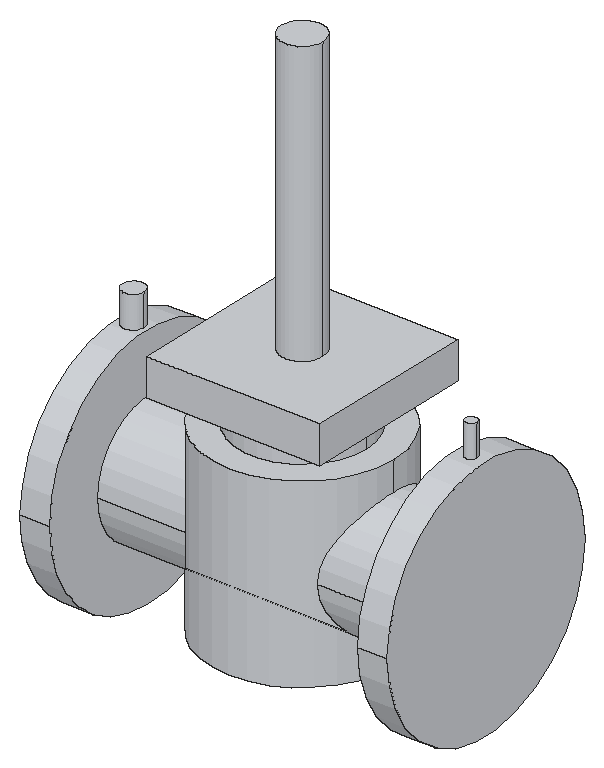
Revit family "OPTIMA_Compact_FLANGE_PN25_DN100-HF_RFA_2019", category Pipe Accessories, Revit 2019
Family settings
  Round Connector Dimension = Use Diameter
  Part Type = Valve - Breaks Into
  Work Plane-Based = No
  Always vertical = Yes
  Cut with Voids When Loaded = No
  Shared = No
Parameters (values of type "Optima Compact Flange PN25 DN100 HF")
  magiProductId = "Frese Optima Flange DN100 HF"
  magiProductFamilyId = "Frese Optima Flange *"
  magiPartTypeId = 304
  isMeasuringValve [instance] = no
  ang2D [instance] = 0.00°
  W2D = 50 mm
  VersionID = "2.0/2018.8.28.1/FRESE_OPTIMA_FLANGE_Q13_002"
  Use Minimum Symbol Size [instance] = yes
  URL = "www.hydronic.cz"
  Type Comments = "Přírubový; PN25; 0~120°C, s měřením"
  R4 = 61.25 mm
  R3 = 61.1 mm
  R1 = 87.5 mm
  QmdConnectorList = "301;D;302;D"
  Productdata [instance] = ""
  Manufacturer = "Hydronic Systems Prague s.r.o."
  MC Product Code = "53-1233 (DN100 HF; 40mm; pohon min 1000N; Qmin-dpmin 14800l/h-30.0kPa; Qmax-dpmin 90000l/h-75.0kPa; dpmax 800kPa)"
  MC Piping Given Pressure Drop [instance] = 0.0 Pa
  LF__ve = -LF  # -28 mm
  LF2 = 14 mm
  LF = 28 mm
  L4 = 164.5 mm
  L3 = 294 mm
  L2D_Min = 3048 mm
  L2D = 230 mm
  L2 = 175 mm
  H6 = 268.75 mm
  H4 = 35.25 mm
  H3 = 29.375 mm
  H2 = 88.125 mm
  H1 = 176.25 mm
  Description = "Tlakově nezávislý 2-cestný regulační vyvažovací ventil (PICV)"
  DF2 = 117.5 mm
  D = 100 mm
  CAT0 = yes
Types (14, lengths in mm): name | magiProductId | magiProductFamilyId | W2D | Type Comments | R4 | R3 | R1 | MC Product Code | LF__ve | LF2 | LF | L4 | L3 | L2D | L2 | H6 | H4 | H3 | H2 | H1 | DF2 | D
  Optima Compact Flange PN25 DN050 LF | "Frese Optima Flange DN050 LF" | "Frese Optima Flange *" | 50 | "Přírubový; PN25; 0~120°C, s měřením" | 40.3 | 42.9 | 57.5 | "53-1220 (DN50 LF; 20mm; pohon min 1000N; Qmin-dpmin 2500l/h-6.5kPa; Qmax-dpmin 15000l/h-20.0kPa; dpmax 800kPa)" | -18.4 | 9.2 | 18.4 | 108.1 | 193.2 | 230 | 115 | 157.3 | 24.8 | 20.6 | 61.9 | 123.8 | 82.5 | 50
  Optima Compact Flange PN25 DN050 HF | "Frese Optima Flange DN050 HF" | "Frese Optima Flange *" | 50 | "Přírubový; PN25; 0~120°C, s měřením" | 40.25 | 42.9 | 57.5 | "53-1230 (DN50 HF; 20mm; pohon min 1000N; Qmin-dpmin 3900l/h-19.0kPa; Qmax-dpmin 24000l/h-50.0kPa; dpmax 800kPa)" | -18.4 | 9.2 | 18.4 | 108.1 | 193.2 | 230 | 115 | 157.25 | 24.75 | 20.625 | 61.875 | 123.75 | 82.5 | 50
  Optima Compact Flange PN25 DN065 LF | "Frese Optima Flange DN065 LF" | "Frese Optima Flange *" | 50 | "Přírubový; PN25; 0~120°C, s měřením" | 50.75 | 48.1 | 72.5 | "53-1221 (DN65 LF; 20mm; pohon min 1000N; Qmin-dpmin 4400l/h-15.0kPa; Qmax-dpmin 25000l/h-25.0kPa; dpmax 800kPa)" | -23.2 | 11.6 | 23.2 | 136.3 | 243.6 | 230 | 145 | 171.25 | 27.75 | 23.125 | 69.375 | 138.75 | 92.5 | 65
  Optima Compact Flange PN25 DN065 HF | "Frese Optima Flange DN065 HF" | "Frese Optima Flange *" | 50 | "Přírubový; PN25; 0~120°C, s měřením" | 50.75 | 48.1 | 72.5 | "53-1231 (DN65 HF; 20mm; pohon min 1000N; Qmin-dpmin 6000l/h-30.0kPa; Qmax-dpmin 35000l/h-55.0kPa; dpmax 800kPa)" | -23.2 | 11.6 | 23.2 | 136.3 | 243.6 | 230 | 145 | 171.25 | 27.75 | 23.125 | 69.375 | 138.75 | 92.5 | 65
  Optima Compact Flange PN25 DN080 LF | "Frese Optima Flange DN080 LF" | "Frese Optima Flange *" | 50 | "Přírubový; PN25; 0~120°C, s měřením" | 54.25 | 52 | 77.5 | "53-1222 (DN80 LF; 20mm; pohon min 1000N; Qmin-dpmin 5300l/h-16.0kPa; Qmax-dpmin 34000l/h-25.0kPa; dpmax 800kPa)" | -24.8 | 12.4 | 24.8 | 145.7 | 260.4 | 230 | 155 | 183 | 30 | 25 | 75 | 150 | 100 | 80
  Optima Compact Flange PN25 DN080 HF | "Frese Optima Flange DN080 HF" | "Frese Optima Flange *" | 50 | "Přírubový; PN25; 0~120°C, s měřením" | 54.25 | 52 | 77.5 | "53-1232 (DN80 HF; 20mm; pohon min 1000N; Qmin-dpmin 7000l/h-23.0kPa; Qmax-dpmin 43000l/h-50.0kPa; dpmax 800kPa)" | -24.8 | 12.4 | 24.8 | 145.7 | 260.4 | 230 | 155 | 183 | 30 | 25 | 75 | 150 | 100 | 80
  Optima Compact Flange PN25 DN100 LF | "Frese Optima Flange DN100 LF" | "Frese Optima Flange *" | 50 | "Přírubový; PN25; 0~120°C, s měřením" | 61.25 | 61.1 | 87.5 | "53-1223 (DN100 LF; 40mm; pohon min 1000N; Qmin-dpmin 12100l/h-20.0kPa; Qmax-dpmin 68000l/h-35.0kPa; dpmax 800kPa)" | -28 | 14 | 28 | 164.5 | 294 | 230 | 175 | 268.75 | 35.25 | 29.375 | 88.125 | 176.25 | 117.5 | 100
  Optima Compact Flange PN25 DN100 HF | "Frese Optima Flange DN100 HF" | "Frese Optima Flange *" | 50 | "Přírubový; PN25; 0~120°C, s měřením" | 61.25 | 61.1 | 87.5 | "53-1233 (DN100 HF; 40mm; pohon min 1000N; Qmin-dpmin 14800l/h-30.0kPa; Qmax-dpmin 90000l/h-75.0kPa; dpmax 800kPa)" | -28 | 14 | 28 | 164.5 | 294 | 230 | 175 | 268.75 | 35.25 | 29.375 | 88.125 | 176.25 | 117.5 | 100
  Optima Compact Flange PN25 DN125 LF | "Frese Optima Flange DN125 LF" | "Frese Optima Flange *" | 50 | "Přírubový; PN25; 0~120°C, s měřením" | 70 | 70.2 | 100 | "53-1224 (DN125 LF; 40mm; pohon min 1000N; Qmin-dpmin 18500l/h-16.0kPa; Qmax-dpmin 110000l/h-35.0kPa; dpmax 800kPa)" | -32 | 16 | 32 | 188 | 336 | 230 | 200 | 275.5 | 40.5 | 33.75 | 101.25 | 202.5 | 135 | 125
  Optima Compact Flange PN25 DN125 HF | "Frese Optima Flange DN125 HF" | "Frese Optima Flange *" | 50 | "Přírubový; PN25; 0~120°C, s měřením" | 70 | 70.2 | 100 | "53-1234 (DN125 HF; 40mm; pohon min 1000N; Qmin-dpmin 23000l/h-27.0kPa; Qmax-dpmin 135000l/h-53.0kPa; dpmax 800kPa)" | -32 | 16 | 32 | 188 | 336 | 230 | 200 | 275.5 | 40.5 | 33.75 | 101.25 | 202.5 | 135 | 125
  Optima Compact Flange PN25 DN150 LF | "Frese Optima Flange DN150 LF" | "Frese Optima Flange *" | 50 | "Přírubový; PN25; 0~110°C, s měřením" | 84 | 74.1 | 120 | "53-1225 (DN150 LF; 43mm; pohon min 1500N; Qmin-dpmin 25600l/h-21.0kPa; Qmax-dpmin 148000l/h-35.0kPa; dpmax 800kPa)" | -38.4 | 19.2 | 38.4 | 225.6 | 403.2 | 230 | 240 | 279.25 | 42.75 | 35.625 | 106.875 | 213.75 | 142.5 | 150
  Optima Compact Flange PN25 DN150 HF | "Frese Optima Flange DN150 HF" | "Frese Optima Flange *" | 50 | "Přírubový; PN25; 0~110°C, s měřením" | 84 | 74.1 | 120 | "53-1235 (DN150 HF; 43mm; pohon min 1500N; Qmin-dpmin 32000l/h-33.0kPa; Qmax-dpmin 195000l/h-65.0kPa; dpmax 800kPa)" | -38.4 | 19.2 | 38.4 | 225.6 | 403.2 | 230 | 240 | 279.25 | 42.75 | 35.625 | 106.875 | 213.75 | 142.5 | 150
  Optima Compact Flange PN25 DN200 LF | "" | "" | 100 | "Přírubový; PN25; 0~110°C, s měřením" | 164.5 | 98.8 | 235 | "53-1226 (DN200 LF; 43mm; pohon min 1500N; Qmin-dpmin 95000l/h-11.0kPa; Qmax-dpmin 210000l/h-32.0kPa; dpmax 800kPa)" | -48 | 24 | 48 | 282 | 504 | 350 | 300 | 281 | 57 | 15 | 209 | 380 | 190 | 200
  Optima Compact Flange PN25 DN200 HF | "" | "" | 100 | "Přírubový; PN25; 0~110°C, s měřením" | 164.5 | 98.8 | 235 | "53-1236 (DN200 HF; 43mm; pohon min 1500N; Qmin-dpmin 130000l/h-31.0kPa; Qmax-dpmin 280000l/h-78.0kPa; dpmax 800kPa)" | -48 | 24 | 48 | 282 | 504 | 350 | 300 | 281 | 57 | 15 | 209 | 380 | 190 | 200
Reference planes
  plane 1 "Center (Front/Back)": y = 0
  plane 2 "XYPLANE": z = 0
  plane 3 "Center (Left/Right)": x = 0
  plane 4 "157": x = 161
  plane 5 "156": x = -161
  plane 6 "155": z = 117.5
  plane 7 "154": z = 152.75
  plane 8 "153": z = 117.5
  plane 9 "152": z = 88.125
  plane 10 "151": x = -147
  plane 11 "150": z = -88.125
  plane 12 "149": x = 0
  plane 13 "148": y = 0
  plane 14 "147": z = 0
  plane 15 "146": x = -175
  plane 16 "145": x = 175
Forms (mm)
  Extrusion 1, solid, visible <- "CAT0"
    sketch origin (-750, 0, 117.5) x (1, 0, 0) y (0, 1, 0)
      loop
        circle (911, 0) r 5.5
    from 0 to 30
  Extrusion 2, solid, visible <- "CAT0"
    sketch origin (-750, 0, 117.5) x (1, 0, 0) y (0, 1, 0)
      loop
        circle (589, 0) r 10.3
    from 0 to 30
  Extrusion 3, solid, visible <- "CAT0"
    sketch origin (-750, 0, 152.75) x (1, 0, 0) y (0, 1, 0)
      loop
        circle (750, 0) r 20
    from 0 to 268.75 <- "H6"
  Extrusion 4, solid, visible <- "CAT0"
    sketch origin (-750, 0, 117.5) x (1, 0, 0) y (0, 1, 0)
      loop
        line (832.25, 82.25) -> (667.75, 82.25) -> (667.75, -82.25) -> (832.25, -82.25) -> (832.25, 82.25)
    from 0 to 35.25 <- "H4"
  Extrusion 5, solid, visible <- "CAT0"
    sketch origin (-750, 0, 88.125) x (1, 0, 0) y (0, 1, 0)
      loop
        circle (750, 0) r 61.25
    from 0 to 29.375 <- "H3"
  Extrusion 6, solid, visible <- "CAT0"
    sketch origin (-147, -750, 0) x (0, 1, 0) y (0, 0, 1)
      loop
        circle (750, 0) r 61.1
    from 0 to 294 <- "L3"
  Extrusion 7, solid, visible <- "CAT0"
    sketch origin (-750, 0, -88.125) x (1, 0, 0) y (0, 1, 0)
      loop
        circle (750, 0) r 87.5
    from 0 to 176.25 <- "H1"
  Extrusion 8, solid, visible <- "CAT0"
    sketch origin (-175, -750, 0) x (0, 1, 0) y (0, 0, 1)
      loop
        circle (750, 0) r 117.5
    from 0 to 28 <- "LF"
  Extrusion 9, solid, visible <- "CAT0"
    sketch origin (175, -750, 0) x (0, 1, 0) y (0, 0, 1)
      loop
        circle (750, 0) r 117.5
    from 0 to -28 <- "LF__ve"
  Extrusion 10, solid, not visible
    sketch origin (-175, -750, 0) x (0, 1, 0) y (0, 0, 1)
      loop
        circle (750, 0) r 10
    from 0 to 10
  Extrusion 11, solid, not visible
    sketch origin (175, -750, 0) x (0, 1, 0) y (0, 0, 1)
      loop
        circle (750, 0) r 10
    from 0 to -10
Lines and regions (mm)
  reference lines, not visible
    curve 1: circle (2, 2, 0) r 1 normal (0, 0, 1)
  reference lines
    curve 2: circle (0, 0, 117.5) r 1 normal (0, 0, 1)
Dimensions and locks
  plane 1 "Center (Front/Back)" to curve 1 = 2 mm
  "LF2": plane 16 "145" to plane 4 "157"
  "LF2": plane 15 "146" to plane 5 "156"
  "DF2": plane 2 "XYPLANE" to plane 6 "155"
  "H4": plane 8 "153" to plane 7 "154"
  "H3": plane 9 "152" to plane 8 "153"
  "H1": plane 11 "150" to plane 9 "152"
  "LF": plane 15 "146" to plane 10 "151"
  "H2": plane 2 "XYPLANE" to plane 11 "150"
  locked: plane 3 "Center (Left/Right)" to plane 12 "149"
  locked: plane 1 "Center (Front/Back)" to plane 13 "148"
  locked: plane 2 "XYPLANE" to plane 14 "147"
  "L2": plane 3 "Center (Left/Right)" to plane 15 "146"
  "L2": plane 3 "Center (Left/Right)" to plane 16 "145"
  equal spacing: Extrusion 4 sketch curve, curve 2, Extrusion 4 sketch curve  (x2)
  "L4": Extrusion 4 sketch curve to Extrusion 4 sketch curve  (x2)
  Extrusion 4 sketch curve to Extrusion 4 sketch curve = 0 mm  (x8)
  "R4": radius of Extrusion 5 sketch curve
  "R3": radius of Extrusion 6 sketch curve
  "R1": radius of Extrusion 7 sketch curve
  "DF2": radius of Extrusion 8 sketch curve
  "DF2": radius of Extrusion 9 sketch curve
  aligned and locked: level to plane 2 "XYPLANE"
  aligned and locked: plane 4 "157" to Extrusion 1 sketch curve
  aligned and locked: plane 13 "148" to Extrusion 1 sketch curve
  aligned and locked: plane 5 "156" to Extrusion 2 sketch curve
  aligned and locked: plane 13 "148" to Extrusion 2 sketch curve
  aligned and locked: plane 12 "149" to Extrusion 3 sketch curve
  aligned and locked: plane 13 "148" to Extrusion 3 sketch curve
  aligned and locked: plane 12 "149" to curve 2
  aligned and locked: plane 13 "148" to curve 2
  aligned and locked: plane 12 "149" to Extrusion 5 sketch curve
  aligned and locked: plane 13 "148" to Extrusion 5 sketch curve
  aligned and locked: Extrusion 6 sketch curve to plane 13 "148"
  aligned and locked: plane 14 "147" to Extrusion 6 sketch curve
  aligned and locked: plane 12 "149" to Extrusion 7 sketch curve
  aligned and locked: plane 13 "148" to Extrusion 7 sketch curve
  aligned and locked: Extrusion 8 sketch curve to plane 13 "148"
  aligned and locked: plane 14 "147" to Extrusion 8 sketch curve
  aligned and locked: Extrusion 9 sketch curve to plane 13 "148"
  aligned and locked: plane 14 "147" to Extrusion 9 sketch curve
  aligned and locked: Extrusion 10 sketch curve to plane 13 "148"
  aligned and locked: plane 14 "147" to Extrusion 10 sketch curve
  aligned and locked: Extrusion 11 sketch curve to plane 13 "148"
  aligned and locked: plane 14 "147" to Extrusion 11 sketch curve
Automatic sketch dimensions
  Extrusion 1 sketch curve to plane 4 "157" = 5.5 mm
  plane 15 "146" to Extrusion 2 sketch curve = 3.7 mm
  Extrusion 3 sketch curve to plane 3 "Center (Left/Right)" = 20 mm
  plane 1 "Center (Front/Back)" to Extrusion 10 sketch curve = 10 mm
  plane 1 "Center (Front/Back)" to Extrusion 11 sketch curve = 10 mm
  plane 3 "Center (Left/Right)" to curve 1 = 2 mm
  plane 10 "151" to Extrusion 4 sketch curve = 64.75 mm
  plane 1 "Center (Front/Back)" to Extrusion 4 sketch curve = 82.25 mm
  radius of curve 2 = 1 mm
  radius of curve 1 = 1 mm
Connectors
  piping at (-175, 0, 0), diameter 100, driven by "D"
    settings: on Extrusion 10, index 1, connector inside diameter 609.6 mm, connector length 0 mm, flow factor 0, pipe flow 0.0 L/s, pressure drop 0.0 Pa, fitting loss kfactor 0, connector angle 0.00°, fixture units 0, engagement length 0 mm, angle of deflection 0.00°, flow configuration 0, flow direction 0, fitting loss method 0, system type 29, joint type 0, gender type 0, connector reference index 2, connector utility 0, adjustable connector no, is connector primary yes, connector description ""
  piping at (175, 0, 0), diameter 100, driven by "D"
    settings: on Extrusion 11, index 2, connector inside diameter 609.6 mm, connector length 0 mm, flow factor 0, pipe flow 0.0 L/s, pressure drop 0.0 Pa, fitting loss kfactor 0, connector angle 0.00°, fixture units 0, engagement length 0 mm, angle of deflection 0.00°, flow configuration 0, flow direction 0, fitting loss method 0, system type 29, joint type 0, gender type 0, connector reference index 1, connector utility 0, adjustable connector no, is connector primary no, connector description ""
